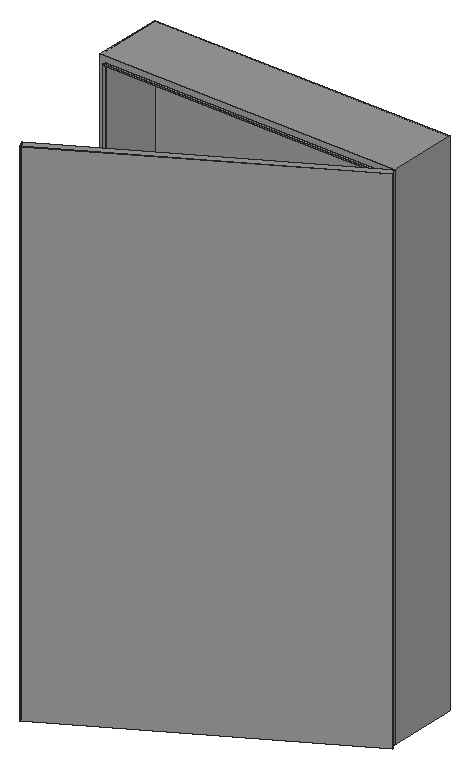
Revit family "Hager-Univers-IP54-D205-H1400-Cl.II-Encl-NoHosted-PT-pt", category Electrical Equipment, Revit 2020
Family settings
  Panel Configuration = Two Columns, Circuits Across
  Round Connector Dimension = Use Diameter
  Part Type = Panelboard
  Work Plane-Based = Yes
  Always vertical = Yes
  Cut with Voids When Loaded = No
  Shared = No
  Room Calculation Point = No
Parameters (values of type "Montagem em superfície (gesso) IP54 L800 A1400 P205  - FP93SW2")
  Width Control [instance] = if([EF000008 - Largura] > Min Width, [EF000008 - Largura], Min Width)  # 800 mm
  Type Comments = [HG000003 - Gama]  # "Univers"
  Thickness Door [instance] = if([EF009171 - Espessura do material da porta/tampa] > 3 mm, 3 mm, [EF009171 - Espessura do material da porta/tampa])  # 1 mm
  Seal Frame Offset [instance] = 17 mm  # constant formula
  Plinth Visibility [instance] = [HG000027 - Altura da Plinta] > 0 mm  # no
  Min Width [instance] = 100 mm  # constant formula
  Min Depth [instance] = (2 * [EF009170 - Espessura do material do invólucro]) + 1 mm  # 3 mm
  Min Height [instance] = 100 mm  # constant formula
  Internal Frame Depth [instance] = (Door System Depth * 0.5)  # 9 mm
  Panel Name [instance] = ""  # (empty or 0)
  Model = ""
  HG000027 - Altura da Plinta = 0 mm
  HG000026 - Instalação no chão = no
  HG000024 - Altura da secção inferior = 600 mm
  HG000023 - Recinto de secção dupla = no
  HG000016 - Visibilidade da porta 3D [instance] = yes
  HG000015 - Visibilidade através da porta [instance] = no
  HG000014 - Porta à direita [instance] = yes
  HG000013 - Porta à esquerda [instance] = not([HG000014 - Porta à direita])  # no
  HG000012 - Ângulo de abertura de porta [instance] = 30.00°
  HG000010 - Portas assimétricas = no
  HG000009 - Porta dupla = no
  HG000006 - Encastrado = no
  HG000004 - Referência do Fabricante = "FP93SW2"
  HG000003 - Gama = "Univers"
  HG000002 - Com porta ou tampa = yes
  Frame Offset Bottom [instance] = 10 mm  # constant formula
  Frame Offset [instance] = 15 mm  # constant formula
  EF015940 - Tampa com libertação de sobrepressão = no
  EF011959 - Grau de proteção (NEMA) = ""
  EF009554 - Número de aberturas para placas de flange = 6
  EF009212 - Tipo de tampa = "EV000116 - Fechado"
  EF009171 - Espessura do material da porta/tampa = 1 mm
  EF009170 - Espessura do material do invólucro = 1 mm
  EF008873 - Corrente nominal (In) = 250 A
  EF007800 - Adequado para proteção contra raios = no
  EF006306 - Com fecho = no
  EF006244 - Tampa/porta transparente = no
  EF005474 - Grau de proteção (IP) = "EV006419 - IP54"
  EF004464 - Tipo de porta = "EV002646 - Único"
  EF004427 - Número de módulos = 324
  EF004293 - Força de impacto = "EV006815 - IK09"
  EF003532 - Adequado para uso no exterior = no
  EF002950 - Largura em número de módulos = 36
  EF001613 - Integridade do circuito = "EV000494 - Nenhum"
  EF001596 - Material do corpo = "EV000179 - Aço"
  EF001131 - Profundidade interior = 130 mm
  EF001088 - Extensão possível = yes
  EF000437 - Número de entradas de condutores = 6
  EF000339 - Tipo de difusor = "EV004216 - Porta"
  EF000266 - Número de linhas = 9
  EF000218 - Profundidade incorporada = 205 mm
  EF000118 - Com tampa de montagem = no
  EF000116 - Número RAL = "9010"
  EF000049 - Profundidade = 205 mm
  EF000040 - Altura = 1400 mm
  EF000008 - Largura = 800 mm
  EF000007 - Cor = "EV000202 - Branco"
  EF000003 - Método de montagem = "EV000384 - Montagem em superfície (gesso)"
  Door System Leaf Tolerance [instance] = 1.5 mm  # constant formula
  Door System Depth [instance] = 18 mm  # constant formula
  Door Height [instance] = Height Control - [HG000027 - Altura da Plinta]  # 1400 mm
  Description = ""
  Default Elevation = 1219.2 mm
  Connector Offset [instance] = Height Control / 2  # 700 mm
  Manufacturer = "Hager"  # constant formula
  Height Control [instance] = if([EF000040 - Altura] > Min Height, [EF000040 - Altura], Min Height)  # 1400 mm
  Depth Control [instance] = if([EF000049 - Profundidade] > Min Depth, [EF000049 - Profundidade], Min Depth)  # 205 mm
  Bottom Top Plate Trim [instance] = 1.5 mm  # constant formula
  Plinth height Ctrl [instance] = if([HG000027 - Altura da Plinta] > 0 mm, [HG000027 - Altura da Plinta], 12 mm)  # 12 mm
Types (5, lengths in mm): name | Width Control | HG000010 - Portas assimétricas | HG000009 - Porta dupla | HG000004 - Referência do Fabricante | EF009554 - Número de aberturas para placas de flange | EF004464 - Tipo de porta | EF004427 - Número de módulos | EF002950 - Largura em número de módulos | EF000437 - Número de entradas de condutores | EF000008 - Largura
  Montagem em superfície (gesso) IP54 L1050 A1400 P205  - FP94SW2 | 1050 | no | yes | "FP94SW2" | 8 | "EV003602 - Duplo" | 432 | 48 | 8 | 1050
  Montagem em superfície (gesso) IP54 L1300 A1400 P205  - FP95SW2 | 1300 | yes | yes | "FP95SW2" | 10 | "EV003602 - Duplo" | 540 | 60 | 10 | 1300
  Montagem em superfície (gesso) IP54 L300 A1400 P205  - FP91SW2 | 300 | no | no | "FP91SW2" | 2 | "EV002646 - Único" | 108 | 12 | 2 | 300
  Montagem em superfície (gesso) IP54 L550 A1400 P205  - FP92SW2 | 550 | no | no | "FP92SW2" | 4 | "EV002646 - Único" | 216 | 24 | 4 | 550
  Montagem em superfície (gesso) IP54 L800 A1400 P205  - FP93SW2 | 800 | no | no | "FP93SW2" | 6 | "EV002646 - Único" | 324 | 36 | 6 | 800
Reference planes
  plane 1 "Center (Front/Back)": y = 0
  plane 2: z = 0
  plane 3 "Center (Left/Right)": x = 0
  plane 4: y = 0
  plane 5: y = 0
  plane 6: z = 0
  plane 7: x = -400
  plane 8: x = 400
  plane 9: x = 399
  plane 10: x = -399
  plane 11: z = 0
  plane 12: z = 1
  plane 13: y = -205
  plane 14: y = -1
  plane 15: x = 0
  plane 16: y = -187
  plane 17: y = -204
  plane 18: y = -186
  plane 19: x = -384
  plane 20: x = 384
  plane 21: z = 11
  plane 22: x = -383
  plane 23: x = 383
  plane 24: z = 0
  plane 25: z = 1400
  plane 26: z = 1400
  plane 27: z = 1384
  plane 28: z = 1399
Forms (mm)
  Extrusion 1, solid, material "Hager_Steel_RAL7035_Light_Grey", detail levels medium+fine
    sketch origin (-208.679, -4572, 0) x (-1, 0, 0) y (0, -1, 0)
      loop
        line (191.321, -4385) -> (-608.679, -4385) -> (-608.679, -4572) -> (191.321, -4572) -> (191.321, -4385)
    from 0 to 1400
  Extrusion 2, void
    sketch origin (-350.771, -205, 1219.2) x (1, 0, 0) y (0, 0, 1)
      loop
        line (-48.229, 179.8) -> (-48.229, -1218.2) -> (749.771, -1218.2) -> (749.771, 179.8) -> (-48.229, 179.8)
    from -19 to -204
  Extrusion 3, void
    sketch origin (-290.084, -187, 1219.2) x (1, 0, 0) y (0, 0, 1)
      loop
        line (-93.916, -1208.2) -> (674.084, -1208.2) -> (674.084, 164.8) -> (-93.916, 164.8) -> (-93.916, -1208.2)
    from 0 to -1
  Extrusion 4, solid, material "Hager_Steel_RAL7035_Light_Grey", visible <- "Plinth Visibility", detail levels medium+fine
    sketch origin (0, 0, 0) x (1, 0, 0) y (0, 1, 0)
      loop
        line (-400, 0) -> (-400, -187) -> (400, -187) -> (400, 0) -> (-400, 0)
    from 0 to 12 <- "Plinth height Ctrl"
  Extrusion 5, solid, material "Hager_Steel_RAL7035_Light_Grey", detail levels coarse
    sketch origin (0, 0, 0) x (1, 0, 0) y (0, 1, 0)
      loop
        line (-400, 0) -> (-400, -205) -> (400, -205) -> (400, 0) -> (-400, 0)
    from 0 to 1400 <- "Height Control"
  Sweep 6, void
    path in 3D
      loop
        line (-400, -187, 12) -> (400, -187, 12) -> (400, 0, 12) -> (-400, 0, 12) -> (-400, -187, 12)
    profile origin (-400, -93.5, 12) x (1, 0, 0) y (0, 0, 1)
      loop
        line (0, 0) -> (0, -1.5) -> (1.5, -1.5)
        arc (1.5, -1.5) -> (1.061, -0.439) -> (0, 0) r 1.5
  Extrusion 7, solid, material "Hager_Steel_RAL7035_Light_Grey", detail levels fine
    sketch origin (-400, -187, 0) x (1, 0, 0) y (0, 0, 1)
      loop
        line (16, 11) -> (784, 11) -> (784, 1384) -> (16, 1384) -> (16, 11)
      loop
        line (15, 10) -> (785, 10) -> (785, 1385) -> (15, 1385) -> (15, 10)
    from 0 to 9 <- "Internal Frame Depth"
Cuts and joins
  Extrusion 2, Extrusion 3 cuts Extrusion 1
  Sweep 6 cuts Extrusion 4
Lines and regions (mm)
  Masking region 1
    outline origin (0, 0, 0) x (1, 0, 0) y (0, 1, 0)
      loop
        line (-400, 0) -> (-400, -205) -> (400, -205) -> (400, 0) -> (-400, 0)
  Masking region 2, detail levels coarse
    outline origin (-290.084, -187, 1219.2) x (-1, 0, 0) y (0, 0, 1)
      loop
        line (-690.084, -1219.2) -> (109.916, -1219.2) -> (109.916, 180.8) -> (-690.084, 180.8) -> (-690.084, -1219.2)
  Masking region 3, detail levels coarse
    outline origin (0, 0, 0) x (0, 1, 0) y (0, 0, 1)
      loop
        line (0, 0) -> (0, 1400) -> (-205, 1400) -> (-205, 0) -> (0, 0)
  Masking region 4, visible <- "Plinth Visibility", detail levels medium+fine
    outline origin (0, 0, 0) x (0, 1, 0) y (0, 0, 1)
      loop
        line (-1.5, 12) -> (-185.5, 12)
        arc (-185.5, 12) -> (-185.939, 10.939) -> (-187, 10.5) r 1.5
        line (-187, 10.5) -> (-187, 0) -> (0, 0) -> (0, 10.5)
        arc (0, 10.5) -> (-1.061, 10.939) -> (-1.5, 12) r 1.5
  Masking region 5, detail levels medium+fine
    outline origin (0, 0, 594.038) x (0, 1, 0) y (0, 0, 1)
      loop
        line (0, -594.038) -> (0, 805.962) -> (-187, 805.962) -> (-187, -594.038) -> (0, -594.038)
  Masking region 6, detail levels medium+fine
    outline origin (-359.7, -187, 1211.883) x (-1, 0, 0) y (0, 0, 1)
      loop
        line (-759.7, -1211.883) -> (40.3, -1211.883) -> (40.3, 188.117) -> (-759.7, 188.117) -> (-759.7, -1211.883)
  Masking region 7, visible <- "Plinth Visibility", detail levels medium+fine
    outline origin (-320.334, -187, 1041.368) x (-1, 0, 0) y (0, 0, 1)
      loop
        line (-720.334, -1041.368) -> (79.666, -1041.368) -> (79.666, -1030.868)
        arc (79.666, -1030.868) -> (78.606, -1030.429) -> (78.166, -1029.368) r 1.5
        line (78.166, -1029.368) -> (-718.834, -1029.368)
        arc (-718.834, -1029.368) -> (-719.273, -1030.429) -> (-720.334, -1030.868) r 1.5
        line (-720.334, -1030.868) -> (-720.334, -1041.368)
  sketch lines
    curve 1: line (-400, 0, 12) -> (-400, -187, 12)
    curve 2: line (-400, -187, 12) -> (400, -187, 12)
    curve 3: line (400, 0, 12) -> (-400, 0, 12)
    curve 4: line (400, -187, 12) -> (400, 0, 12)
Dimensions and locks
  locked: plane 1 "Center (Front/Back)" to plane 5
  "EF009170 - Espessura do material do invólucro": plane 7 to plane 10
  "EF009170 - Espessura do material do invólucro": plane 8 to plane 9
  equal spacing: plane 7, plane 3 "Center (Left/Right)", plane 8
  "Width Control": plane 7 to plane 8
  "Depth Control": plane 4 to plane 13
  "EF009170 - Espessura do material do invólucro": plane 4 to plane 14
  "Height Control": plane 25 to level
  "HG000027 - Altura da Plinta": plane 11 to level
  "EF009170 - Espessura do material do invólucro": plane 12 to plane 11
  "EF009170 - Espessura do material do invólucro": plane 17 to plane 13
  "EF009170 - Espessura do material do invólucro": plane 18 to plane 16
  "Frame Offset Bottom": plane 21 to plane 12
  "Frame Offset": plane 10 to plane 19
  "Frame Offset": plane 9 to plane 20
  "Door System Depth": plane 16 to plane 13
  "Seal Frame Offset": plane 7 to plane 22
  "Seal Frame Offset": plane 8 to plane 23
  "EF009170 - Espessura do material do invólucro": plane 26 to plane 28
  "Frame Offset": plane 28 to plane 27
  "Connector Offset": plane 2 to connector elem
  "Bottom Top Plate Trim": profile plane to Sweep 6 sketch curve
  "Bottom Top Plate Trim": Sweep 6 sketch curve to Sweep 6 sketch curve
  "Plinth height Ctrl": Masking region 4 sketch curve to level
  "Plinth height Ctrl": Masking region 7 sketch curve to level
  "Thickness Door": Extrusion 7 sketch curve to Extrusion 7 sketch curve  (x4)
  "Bottom Top Plate Trim": radius of Sweep 6 sketch curve
  "Bottom Top Plate Trim": radius of Masking region 4 sketch curve  (x2)
  "Bottom Top Plate Trim": radius of Masking region 7 sketch curve  (x2)
  aligned and locked: Extrusion 2 sketch curve to plane 12
  aligned and locked: Extrusion 2 sketch curve to plane 9
  aligned and locked: Extrusion 2 sketch curve to plane 10
  aligned and locked: Extrusion 2 to plane 14
  aligned and locked: Extrusion 1 sketch curve to plane 4
  aligned and locked: plane 8 to Extrusion 1 sketch curve
  aligned and locked: plane 7 to Extrusion 1 sketch curve
  aligned and locked: Extrusion 2 to plane 18
  aligned and locked: Extrusion 3 sketch curve to plane 19
  aligned and locked: plane 20 to Extrusion 3 sketch curve
  aligned and locked: Extrusion 3 to Extrusion 2
  aligned and locked: Extrusion 3 sketch curve to plane 21
  aligned and locked: plane 3 "Center (Left/Right)" to nested 1
  aligned and locked: Extrusion 1 sketch curve to plane 16
  aligned and locked: Extrusion 4 sketch curve to cut or joined group of Extrusion 1, Extrusion 2, Extrusion 3
  aligned and locked: Masking region 1 sketch curve to plane 7
  aligned and locked: Masking region 1 sketch curve to plane 5
  aligned and locked: Masking region 1 sketch curve to plane 8
  aligned and locked: Masking region 2 sketch curve to level
  aligned and locked: level to Masking region 3 sketch curve
  aligned and locked: plane 1 "Center (Front/Back)" to Masking region 3 sketch curve
  aligned and locked: plane 13 to Masking region 3 sketch curve
  aligned and locked: plane 5 to Masking region 4 sketch curve
  aligned and locked: Masking region 2 sketch curve to plane 8
  aligned and locked: Masking region 2 sketch curve to plane 7
  aligned and locked: plane 7 to nested 2
  aligned and locked: nested 2 to plane 5
  aligned and locked: plane 5 to Masking region 5 sketch curve
  aligned and locked: plane 26 to Masking region 5 sketch curve
  aligned and locked: Extrusion 5 sketch curve to plane 8
  aligned and locked: Extrusion 5 sketch curve to plane 7
  aligned and locked: Extrusion 5 sketch curve to plane 5
  aligned and locked: Extrusion 3 sketch curve to plane 27
  aligned and locked: Extrusion 2 sketch curve to plane 28
  aligned and locked: Masking region 2 to plane 25
  aligned and locked: Extrusion 4 to plane 16
  aligned and locked: profile plane to Sweep 6 sketch curve
  aligned and locked: Masking region 5 sketch curve to plane 24
  aligned and locked: level to Masking region 4 sketch curve
  aligned and locked: Masking region 1 to plane 13
  aligned and locked: nested 1 to plane 16
  aligned and locked: Masking region 3 to plane 25
  aligned and locked: plane 16 to Masking region 4 sketch curve
  aligned and locked: Masking region 5 sketch curve to plane 16
  aligned and locked: plane 24 to plane 11
  aligned and locked: plane 26 to plane 25
  aligned and locked: plane 26 to cut or joined group of Extrusion 1, Extrusion 2, Extrusion 3
  aligned and locked: nested 1 to plane 24
  aligned and locked: Extrusion 1 to Extrusion 3
  aligned and locked: Masking region 6 sketch curve to plane 8
  aligned and locked: Masking region 6 sketch curve to plane 24
  aligned and locked: Masking region 6 sketch curve to plane 7
  aligned and locked: Masking region 6 sketch curve to plane 26
  aligned and locked: Masking region 7 sketch curve to plane 7
  aligned and locked: level to Masking region 7 sketch curve
  aligned and locked: Masking region 7 sketch curve to plane 8
  aligned and locked: Extrusion 7 sketch curve to cut or joined group of Extrusion 1, Extrusion 2, Extrusion 3  (x4)
Automatic sketch dimensions
  plane 19 to Extrusion 3 sketch curve = 0 mm
  Extrusion 3 sketch curve to plane 20 = 0 mm
  Extrusion 3 sketch curve to plane 21 = 0 mm
  Extrusion 4 sketch curve to plane 7 = 0 mm
  Extrusion 4 sketch curve to plane 8 = 0 mm
  Extrusion 4 sketch curve to plane 16 = 0 mm
  Masking region 1 sketch curve to plane 13 = 0 mm
  Masking region 2 sketch curve to plane 25 = 0 mm
  Masking region 3 sketch curve to plane 25 = 0 mm
  Extrusion 5 sketch curve to plane 13 = 0 mm
  profile plane to Sweep 6 sketch curve = 0 mm
Nested families
  nested 1: "EC000058_Univers_Door" at (0, -187, 0), Double <- "HG000009 - Porta dupla", Transparent <- "EF006244 - Tampa/porta transparente", Angle <- "HG000012 - Ângulo de abertura de porta", Door_Right <- "HG000014 - Porta à direita", Assymetrical <- "HG000010 - Portas assimétricas", Door <- "HG000002 - Com porta ou tampa", Width_Ctrl <- "Width Control", 3d_Door <- "HG000016 - Visibilidade da porta 3D", Clearance <- "HG000015 - Visibilidade através da porta", Door_Left <- "HG000013 - Porta à esquerda", Width <- "Width Control", Door_Depth <- "Door System Depth", Leaf_Tolerance <- "Door System Leaf Tolerance", Height <- "Door Height", Lock_Visibility <- "EF006306 - Com fecho", Thickness <- "Thickness Door", type "EC000058_Univers_Door", detail levels medium+fine
    with min_wh 3 mm, Width_Ctrl 800 mm, Width 800 mm, Transparent no, Thickness 1 mm, Seal_Material Hager_Rubber, Lock_Visibility no, Lock_Material Hager_Plastic_RAL9005_Jet_Black, Leaf_Width 800 mm, Leaf_Tolerance_External_Sides 0 mm, Leaf_Tolerance 1.5 mm, Leaf_Offset 0 mm, Leaf_Height 1397 mm, Leaf_2_Width 800 mm, Leaf_2_Offset 400 mm, Leaf_1_Width 800 mm, Leaf_1_Offset 400 mm, Height_Ctrl 1400 mm, Height 1400 mm, Glass_Material Hager_Glass, Double_Clearance_Ctrl no, Double no, Door_Right_Ctrl yes, Door_Right yes, Door_Material Hager_Steel_RAL7035_Light_Grey, Door_Left_Ctrl no, Door_Left no, Door_Depth 18 mm, Door yes, Clearance_Material Hager_Clearance, Clearance_Depth 800 mm, Clearance_Ctrl no, Clearance no, Assymetrical no, Angle 30.00°, 3d_Door yes
  nested 2: "Hager_Enclosure_Symbol" at (-400, 0, 0), Height <- "Depth Control", Width <- "Width Control", type "Hager_Enclosure_Symbol"
    with Width_Ctrl 800 mm, Width 800 mm, Height_Ctrl 205 mm, Height 205 mm, A_Width_Int 13.453 mm, A_Width 161.438 mm, A_Height_Ctrl 179.375 mm, A_Height 179.375 mm
Connectors
  electrical at (0, 0, 700)
    settings: on plane 1 "Center (Front/Back)", index 1, voltage 0 V, apparent load 0 VA, apparent load phase1 0 VA, apparent load phase2 0 VA, apparent load phase3 0 VA, power factor 1, load classification "Other", number of poles 1, system type 30, power factor state 1, is connector primary yes, connector utility no, sub classification motor no, connector description ""
Definition of nested family "EC000058_Univers_Door"
  Parameters (values of type "EC000058_Univers_Door")
    min_wh [instance] = (2 * Thickness) + 1 mm  # 11 mm
    Width_Ctrl [instance] = 400 mm
    Width [instance] = 500 mm
    Transparent [instance] = yes
    Thickness [instance] = 5 mm
    Seal_Material [instance] = none
    Lock_Visibility [instance] = yes
    Lock_Material [instance] = none
    Leaf_Width [instance] = if((Width_Ctrl - 2 * Leaf_Tolerance_External_Sides) > 0 mm, (Width_Ctrl - 2 * Leaf_Tolerance_External_Sides), min_wh)  # 400 mm
    Leaf_Tolerance_External_Sides [instance] = 0 mm  # constant formula
    Leaf_Tolerance [instance] = 1.5 mm
    Leaf_Offset [instance] = 0 mm  # constant formula
    Leaf_Height [instance] = if((Height_Ctrl - 2 * Leaf_Tolerance) > 0 mm, (Height_Ctrl - 2 * Leaf_Tolerance), min_wh)  # 497 mm
    Leaf_2_Width [instance] = if(and(and(Double, Assymetrical), Door_Left), (Leaf_Width / 3) - (Leaf_Tolerance / 2), if(and(and(Double, Assymetrical), Door_Right), (Leaf_Width / 3) * 2 - (Leaf_Tolerance / 2), if(and(Double, not(Assymetrical)), (Leaf_Width / 2) - Leaf_Tolerance, Leaf_Width)))  # 400 mm
    Leaf_2_Offset [instance] = if(and(Double, Assymetrical), Leaf_2_Width / 2, if(and(Double, not(Assymetrical)), Leaf_Width / 4, Leaf_Width / 2))  # 200 mm
    Leaf_1_Width [instance] = if(and(and(Double, Assymetrical), Door_Right), (Leaf_Width / 3) - (Leaf_Tolerance / 2), if(and(and(Double, Assymetrical), Door_Left), (Width / 3) * 2 - (Leaf_Tolerance / 2), if(and(Double, not(Assymetrical)), (Leaf_Width / 2) - Leaf_Tolerance, Leaf_Width)))  # 400 mm
    Leaf_1_Offset [instance] = if(and(Double, Assymetrical), Leaf_1_Width / 2, if(and(Double, not(Assymetrical)), Leaf_Width / 4, Leaf_Width / 2))  # 200 mm
    Height_Ctrl [instance] = if(Height > min_wh, Height, min_wh)  # 500 mm
    Height [instance] = 500 mm
    Glass_Material [instance] = none
    Double_Clearance_Ctrl [instance] = and(Double, Clearance)  # no
    Double [instance] = no
    Door_Right_Ctrl [instance] = and(or(Door_Right, Double), Door)  # yes
    Door_Right [instance] = yes
    Door_Material [instance] = none
    Door_Left_Ctrl [instance] = and(or(Door_Left, Double), Door)  # no
    Door_Left [instance] = no
    Door_Depth [instance] = 30 mm
    Door [instance] = yes
    Default Elevation = 1219.2 mm
    Clearance_Material [instance] = none
    Clearance_Depth [instance] = if(Leaf_1_Width > Leaf_2_Width, Leaf_1_Width, Leaf_2_Width)  # 400 mm
    Clearance_Ctrl [instance] = and(not(Double), Clearance)  # yes
    Clearance [instance] = yes
    Assymetrical [instance] = yes
    Angle [instance] = 30.00°
    3d_Door [instance] = yes
  Reference planes
    plane 1 "Center (Front/Back)": y = 0
    plane 2 "Bottom": z = 0
    plane 3 "Center (Left/Right)": x = 0
    plane 4: z = 500
    plane 5: x = -200
    plane 6: x = 200
    plane 7: z = 500
    plane 8: x = -200
    plane 9: z = 0
    plane 10: x = 200
    plane 11: y = 0
    plane 12: z = 1.5
    plane 13: x = -600
    plane 14: y = -400
    plane 15: x = 600
    plane 16: x = 0
    plane 17: x = 0
    plane 18: x = -200
    plane 19: x = 200
    plane 20: z = 498.5
  Forms (mm)
    Extrusion 1, solid, material <- "Clearance_Material", visible <- "Double_Clearance_Ctrl"
      sketch origin (1200, 0, 0) x (1, 0, 0) y (0, 0, -1)
        loop
          line (-1800, -498.5) -> (-600, -498.5) -> (-600, 0) -> (-1800, 0) -> (-1800, -498.5)
      from 0 to -400
  Dimensions and locks
    equal spacing: plane 5, plane 3 "Center (Left/Right)", plane 6
    "Width_Ctrl": plane 5 to plane 6
    "Leaf_Offset": plane 5 to plane 8
    "Leaf_Offset": plane 6 to plane 10
    "Leaf_Offset": plane 9 to level
    "Leaf_Offset": plane 4 to plane 7
    "Height_Ctrl": plane 4 to level
    "Leaf_Tolerance": plane 12 to plane 9
    locked: plane 11 to plane 1 "Center (Front/Back)"
    "Leaf_1_Offset": plane 18 to plane 16
    "Leaf_2_Offset": plane 17 to plane 19
    "Leaf_1_Width": plane 13 to plane 8
    "Leaf_2_Width": plane 10 to plane 15
    "Clearance_Depth": plane 14 to plane 1 "Center (Front/Back)"
    "Leaf_Tolerance_External_Sides": plane 8 to plane 18
    "Leaf_Tolerance_External_Sides": plane 19 to plane 10
    "Leaf_Tolerance": plane 7 to plane 20
    aligned and locked: level to plane 2 "Bottom"
    aligned and locked: nested 1 to plane 16
    aligned and locked: nested 2 to plane 17
    aligned and locked: Extrusion 1 to plane 13
    aligned and locked: plane 15 to Extrusion 1
    aligned and locked: Extrusion 1 to plane 14
    aligned and locked: plane 12 to nested 1
    aligned and locked: nested 2 to plane 12
    aligned and locked: Extrusion 1 to plane 11
    aligned and locked: plane 20 to Extrusion 1
    aligned and locked: nested 2 to plane 11
    aligned and locked: nested 1 to plane 11
  Automatic sketch dimensions
    Extrusion 1 sketch curve to level = 0 mm
    plane 5 to Extrusion 1 sketch curve = 400 mm
    plane 6 to Extrusion 1 sketch curve = 400 mm
    Extrusion 1 sketch curve to plane 4 = 1.5 mm
  Nested families
    nested 1: "EC000058_Univers_Door_Leaf" at (0, 0, 1.5), Width <- "Leaf_1_Width", visible <- "Door_Left_Ctrl", Leaf_Height <- "Leaf_Height", Angle <- "Angle", 3d_Door <- "3d_Door", Transparent <- "Transparent", Clearance Material <- "Clearance_Material", Clearance <- "Clearance_Ctrl", Door_Material <- "Door_Material", Glass_Material <- "Glass_Material", Door_Depth <- "Door_Depth", Lock_Material <- "Lock_Material", Seal_Material <- "Seal_Material", Lock_Visibility <- "Lock_Visibility", Thickness <- "Thickness", type "EC000058_Univers_Door_Leaf"
      with Width 400 mm, Transparent_Glass_Offset 30 mm, Transparent_Ctrl yes, Transparent yes, Thickness 5 mm, Standard no, Seal_Material none, Seal_D2 8 mm, Seal_D1 1 mm, Offset_Internal_Frame 10 mm, Lock_Width 20 mm, Lock_Visibility_3d yes, Lock_Visibility yes, Lock_Thickness_3 3 mm, Lock_Thickness_2 1 mm, Lock_Thickness_1 3 mm, Lock_Radius_Offset_2 16 mm, Lock_Radius_Offset_1 15 mm, Lock_Radius_2 5 mm, Lock_Radius 6 mm, Lock_Offset 5 mm, Lock_Material none, Lock_Height 80 mm, Lock_Cover_Top_Offset_2d 17 mm, Lock_Cover_Height -65 mm, Leaf_Height 497 mm, Internal_Seal_Thickness 8 mm, Internal_Seal_Depth_2 4.5 mm, Internal_Frame_Depth 25 mm, Glass_Thickness -1 mm, Glass_Offset -2 mm, Glass_Material none, Door_Material none, Door_Depth 30 mm, Clearance Material none, Clearance yes, Angle_Ctrl 30.00°, Angle 30.00°, 3d_Door yes
    nested 2: "EC000058_Univers_Door_Leaf" at (0, 0, 1.5) x (-1, 0, 0) z (0, 0, 1), Width <- "Leaf_2_Width", visible <- "Door_Right_Ctrl", Leaf_Height <- "Leaf_Height", Angle <- "Angle", 3d_Door <- "3d_Door", Transparent <- "Transparent", Clearance Material <- "Clearance_Material", Clearance <- "Clearance_Ctrl", Door_Material <- "Door_Material", Glass_Material <- "Glass_Material", Door_Depth <- "Door_Depth", Lock_Material <- "Lock_Material", Seal_Material <- "Seal_Material", Lock_Visibility <- "Lock_Visibility", Thickness <- "Thickness", type "EC000058_Univers_Door_Leaf"
      with Width 400 mm, Transparent_Glass_Offset 30 mm, Transparent_Ctrl yes, Transparent yes, Thickness 5 mm, Standard no, Seal_Material none, Seal_D2 8 mm, Seal_D1 1 mm, Offset_Internal_Frame 10 mm, Lock_Width 20 mm, Lock_Visibility_3d yes, Lock_Visibility yes, Lock_Thickness_3 3 mm, Lock_Thickness_2 1 mm, Lock_Thickness_1 3 mm, Lock_Radius_Offset_2 16 mm, Lock_Radius_Offset_1 15 mm, Lock_Radius_2 5 mm, Lock_Radius 6 mm, Lock_Offset 5 mm, Lock_Material none, Lock_Height 80 mm, Lock_Cover_Top_Offset_2d 17 mm, Lock_Cover_Height -65 mm, Leaf_Height 497 mm, Internal_Seal_Thickness 8 mm, Internal_Seal_Depth_2 4.5 mm, Internal_Frame_Depth 25 mm, Glass_Thickness -1 mm, Glass_Offset -2 mm, Glass_Material none, Door_Material none, Door_Depth 30 mm, Clearance Material none, Clearance yes, Angle_Ctrl 30.00°, Angle 30.00°, 3d_Door yes
  Definition of nested family "EC000058_Univers_Door_Leaf"
    Parameters (values of type "EC000058_Univers_Door_Leaf")
      Width [instance] = 2000 mm
      Transparent_Glass_Offset [instance] = 30 mm
      Transparent_Ctrl [instance] = and(Transparent, [3d_Door])  # yes
      Transparent [instance] = yes
      Thickness [instance] = 5 mm
      Standard [instance] = and(not(Transparent), [3d_Door])  # no
      Seal_Material [instance] = none
      Seal_D2 [instance] = 8 mm  # constant formula
      Seal_D1 [instance] = 1 mm  # constant formula
      Offset_Internal_Frame [instance] = 10 mm  # constant formula
      Lock_Width [instance] = 20 mm  # constant formula
      Lock_Visibility_3d [instance] = and(Lock_Visibility, [3d_Door])  # yes
      Lock_Visibility [instance] = yes
      Lock_Thickness_3 [instance] = 3 mm  # constant formula
      Lock_Thickness_2 [instance] = 1 mm  # constant formula
      Lock_Thickness_1 [instance] = 3 mm  # constant formula
      Lock_Radius_Offset_2 [instance] = Lock_Radius_Offset_1 + 1 mm  # 16 mm
      Lock_Radius_Offset_1 [instance] = 15 mm  # constant formula
      Lock_Radius_2 [instance] = Lock_Radius - 1 mm  # 5 mm
      Lock_Radius [instance] = 6 mm  # constant formula
      Lock_Offset [instance] = 5 mm  # constant formula
      Lock_Material [instance] = none
      Lock_Height [instance] = 80 mm  # constant formula
      Lock_Cover_Top_Offset_2d [instance] = Lock_Radius_Offset_2 + 1 mm  # 17 mm
      Lock_Cover_Height [instance] = -(Lock_Height - Lock_Radius_Offset_1)  # -65 mm
      Leaf_Height [instance] = 2720.336 mm
      Internal_Seal_Thickness [instance] = 8 mm  # constant formula
      Internal_Seal_Depth_2 [instance] = 4.5 mm  # constant formula
      Internal_Frame_Depth [instance] = if(Door_Depth - Thickness > 5 mm, Door_Depth - Thickness, 5 mm)  # 25 mm
      Glass_Thickness [instance] = if(Thickness > 15 mm, Glass_Offset + 10 mm, -1 mm)  # -1 mm
      Glass_Offset [instance] = if(Thickness > 15 mm, -(Thickness + 10 mm) / 2, -2 mm)  # -2 mm
      Glass_Material [instance] = none
      Door_Material [instance] = none
      Door_Depth [instance] = 30 mm
      Default Elevation = 0 mm
      Clearance Material [instance] = none
      Clearance [instance] = yes
      Angle_Ctrl [instance] = if(Angle > 180.00°, 180.00°, Angle)  # 90.00°
      Angle [instance] = 90.00°
      3d_Door [instance] = yes
    Reference planes
      plane 1 "Center (Front/Back)": y = 0
      plane 2: z = 0
      plane 3 "Center (Left/Right)": x = 0
      plane 4: y = 2000
      plane 5: x = -1000
      plane 6: x = 1000
      plane 7: x = -3000
      plane 8: z = 2720.336
      plane 9: z = 30
      plane 10: z = 2690.336
      plane 11: x = 970
      plane 12: x = -970
      plane 13: y = -3
      plane 14: z = 107.833
      plane 15: y = -5
      plane 16: y = -223.314
      plane 17: x = -1000
      plane 18: z = 1360.168
      plane 19: y = 30
    Forms (mm)
      Extrusion 1, solid, material <- "Clearance Material", visible <- "Clearance"
        sketch origin (0, 0, 0) x (1, 0, 0) y (0, 0, 1)
          loop
            line (-3000, 2720.336) -> (-3000, 0) -> (1000, 0) -> (1000, 2720.336) -> (-3000, 2720.336)
        from 0 to -2000
      Extrusion 2, solid, material <- "Door_Material", visible <- "Standard", detail levels medium+fine
        sketch origin (-1000, 0, 0) x (0, 1, 0) y (-1, 0, 0)
          loop
            line (0, 30) -> (0, 25) -> (2000, 25) -> (2000, 30) -> (0, 30)
        from 0 to 2720.336 <- "Leaf_Height"
      Extrusion 3, solid, material <- "Door_Material", visible <- "Transparent_Ctrl", detail levels medium+fine
        sketch origin (-1000, 0, 0) x (0, 1, 0) y (-1, 0, 0)
          loop
            line (0, 25) -> (2000, 25) -> (2000, 30) -> (0, 30) -> (0, 25)
        from 0 to 2720.336 <- "Leaf_Height"
      Extrusion 4, void
        sketch origin (-1025, 2000, 0) x (0, 1, 0) y (0, 0, -1)
          loop
            line (-30, -2690.336) -> (-30, -30) -> (-1970, -30) -> (-1970, -2690.336) -> (-30, -2690.336)
        from 0 to 5 <- "Thickness"
      Sweep 5, solid, material <- "Seal_Material", visible <- "Transparent_Ctrl", detail levels fine
        path in 3D
          loop
            line (-1025, 30, 30) -> (-1025, 30, 2690.336) -> (-1025, 1970, 2690.336) -> (-1025, 1970, 30) -> (-1025, 30, 30)
        profile origin (-1025, 1000, 30) x (1, 0, 0) y (0, 0, 1)
          loop
            line (0, 0) -> (0, -8) -> (1, -8) -> (1, 0) -> (0, 0)
      Extrusion 6, solid, material <- "Glass_Material", visible <- "Transparent_Ctrl", detail levels medium+fine
        sketch origin (-1030, 0, 0) x (0, 1, 0) y (0, 0, -1)
          loop
            line (1970, -2690.336) -> (1970, -30) -> (30, -30) -> (30, -2690.336) -> (1970, -2690.336)
        from -2 <- "Glass_Offset" to -1 <- "Glass_Thickness"
      Extrusion 7, solid, material <- "Door_Material", visible <- "3d_Door", detail levels medium+fine
        sketch origin (-1025, 2000, 0) x (0, -1, 0) y (0, 0, -1)
          loop
            line (0, -2720.336) -> (2000, -2720.336) -> (2000, 0) -> (0, 0) -> (0, -2720.336)
          loop
            line (1995, -5) -> (5, -5) -> (5, -2715.336) -> (1995, -2715.336) -> (1995, -5)
        from 0 to 25 <- "Internal_Frame_Depth"
      Sweep 8, solid, material <- "Seal_Material", visible <- "Transparent_Ctrl", detail levels fine
        path in 3D
          loop
            line (-1025, 0, 0) -> (-1025, 2000, 0) -> (-1025, 2000, 2720.336) -> (-1025, 0, 2720.336) -> (-1025, 0, 0)
        profile origin (-1025, 0, 1360.168) x (1, 0, 0) y (0, 1, 0)
          loop
            line (0, 10) -> (2.975, 10)
            arc (2.975, 10) -> (4.053, 10.447) -> (4.5, 11.525) r 1.525
            line (4.5, 11.525) -> (4.5, 16.527)
            arc (4.5, 16.527) -> (4.069, 17.569) -> (3.027, 18) r 1.473
            line (3.027, 18) -> (0, 18) -> (0, 10)
      Extrusion 9, solid, material <- "Lock_Material", visible <- "Lock_Visibility_3d", detail levels fine
        sketch origin (-1030, 0, 0) x (0, 1, 0) y (0, 0, -1)
          loop
            arc (1993.5, -1400.168) -> (1994.561, -1399.729) -> (1995, -1398.668) r 1.5
            line (1995, -1398.668) -> (1995, -1320.168) -> (1975, -1320.168) -> (1975, -1398.668)
            arc (1975, -1398.668) -> (1975.439, -1399.729) -> (1976.5, -1400.168) r 1.5
            line (1976.5, -1400.168) -> (1993.5, -1400.168)
        from 3 <- "Lock_Thickness_1" to 0
      Blend 10, solid, material <- "Lock_Material", visible <- "Lock_Visibility_3d", detail levels fine
        base sketch origin (-1033, 0, 0) x (0, 1, 0) y (0, 0, -1)
          loop
            line (1975, -1320.168) -> (1975, -1398.668)
            arc (1975, -1398.668) -> (1975.439, -1399.729) -> (1976.5, -1400.168) r 1.5
            line (1976.5, -1400.168) -> (1993.5, -1400.168)
            arc (1993.5, -1400.168) -> (1994.561, -1399.729) -> (1995, -1398.668) r 1.5
            line (1995, -1398.668) -> (1995, -1320.168) -> (1975, -1320.168)
        top sketch origin (-1033, 0, 0) x (0, 1, 0) y (0, 0, -1)
          loop
            line (1976, -1320.168) -> (1976, -1398.668)
            arc (1976, -1398.668) -> (1976.146, -1399.022) -> (1976.5, -1399.168) r 0.5
            line (1976.5, -1399.168) -> (1993.5, -1399.168)
            arc (1993.5, -1399.168) -> (1993.854, -1399.022) -> (1994, -1398.668) r 0.5
            line (1994, -1398.668) -> (1994, -1320.168) -> (1976, -1320.168)
        from 0 to 1 <- "Lock_Thickness_2"
      Blend 11, solid, material <- "Lock_Material", visible <- "Lock_Visibility_3d", detail levels fine
        base sketch origin (-1034, 0, 0) x (0, 1, 0) y (0, 0, -1)
          loop
            line (1978, -1320.168) -> (1978, -1384.168)
            arc (1978, -1384.168) -> (1985, -1391.168) -> (1992, -1384.168) r 7
            line (1992, -1384.168) -> (1992, -1320.168) -> (1978, -1320.168)
        top sketch origin (-1034, 0, 0) x (0, 1, 0) y (0, 0, -1)
          loop
            line (1991, -1320.168) -> (1979, -1320.168) -> (1979, -1383.168)
            arc (1979, -1383.168) -> (1985, -1389.168) -> (1991, -1383.168) r 6
            line (1991, -1383.168) -> (1991, -1320.168)
        from 0 to 3 <- "Lock_Thickness_3"
      Extrusion 12, solid, material <- "Lock_Material", visible <- "Lock_Visibility_3d", detail levels fine
        sketch origin (-1030, 1975, 1320.168) x (1, 0, 0) y (0, -1, 0)
          loop
            line (-7, -19) -> (-7, -1) -> (0, -1) -> (0, 0) -> (-8, 0) -> (-8, -20) -> (0, -20) -> (0, -19) -> (-7, -19)
        from 0 to -65 <- "Lock_Cover_Height"
      Extrusion 13, void
        sketch origin (-1038, 1995, 1320.168) x (-1, 0, 0) y (0, 0, -1)
          loop
            line (-5, -65) -> (0, -65) -> (-5, -60) -> (-5, -65)
        from 0 to 20 <- "Lock_Width"
      Extrusion 14, void
        sketch origin (-1038, 1975, 1320.168) x (0, -1, 0) y (0, 0, -1)
          loop
            circle (-10, -15.995) r 6
          loop
            circle (-10, -15.995) r 5
        from 0 to 2
      Extrusion 15, solid, material <- "Lock_Material", visible <- "Lock_Visibility_3d", detail levels medium
        sketch origin (-1030, 0, 0) x (0, 1, 0) y (0, 0, -1)
          loop
            arc (1993.5, -1400.168) -> (1994.561, -1399.729) -> (1995, -1398.668) r 1.5
            line (1995, -1398.668) -> (1995, -1320.168) -> (1975, -1320.168) -> (1975, -1398.668)
            arc (1975, -1398.668) -> (1975.439, -1399.729) -> (1976.5, -1400.168) r 1.5
            line (1976.5, -1400.168) -> (1993.5, -1400.168)
        from 8 to 0
    Cuts and joins
      Extrusion 4 cuts Extrusion 3
      Extrusion 13, Extrusion 14 cuts Extrusion 9
      Extrusion 14 cuts Blend 11
      Extrusion 13, Extrusion 14 cuts Extrusion 12
      joined: Extrusion 9, Blend 10, Blend 11, Extrusion 12
      Extrusion 14 cuts Extrusion 15
    Lines and regions (mm)
      Masking region 1, visible <- "Lock_Visibility", detail levels fine
        outline origin (0, 0, 0) x (0, 1, 0) y (0, 0, 1)
          loop
            line (30, 1320.168) -> (33, 1320.168) -> (33, 1400.168) -> (30, 1400.168) -> (30, 1320.168)
      Masking region 2, visible <- "Lock_Visibility", detail levels fine
        outline origin (0, 3.143, 0) x (0, 1, 0) y (0, 0, 1)
          loop
            line (29.857, 1354.168) -> (30.857, 1354.168) -> (30.857, 1366.168) -> (29.857, 1366.168) -> (29.857, 1354.168)
      Masking region 3, detail levels medium+fine
        outline origin (0, 0, 0) x (0, 1, 0) y (0, 0, 1)
          loop
            line (0, 0) -> (30, 0) -> (30, 2720.336) -> (0, 2720.336) -> (0, 0)
      Masking region 4, detail levels medium+fine
        outline origin (0, 0, 0) x (1, 0, 0) y (0, 0, 1)
          loop
            line (-1000, 2720.336) -> (-1000, 0) -> (1000, 0) -> (1000, 2720.336) -> (-1000, 2720.336)
      Masking region 5, visible <- "Lock_Visibility", detail levels fine
        outline origin (-47.116, 0, 0) x (1, 0, 0) y (0, 0, 1)
          loop
            arc (1024.616, 1399.168) -> (1023.556, 1398.729) -> (1023.116, 1397.668) r 1.5
            line (1023.116, 1397.668) -> (1023.116, 1320.168) -> (1041.116, 1320.168) -> (1041.116, 1397.668)
            arc (1041.116, 1397.668) -> (1040.677, 1398.729) -> (1039.616, 1399.168) r 1.5
            line (1039.616, 1399.168) -> (1024.616, 1399.168)
      Masking region 6, visible <- "Lock_Visibility", detail levels medium+fine
        outline origin (-25, 0, 0) x (1, 0, 0) y (0, 0, 1)
          loop
            arc (1001.5, 1400.168) -> (1000.439, 1399.729) -> (1000, 1398.668) r 1.5
            line (1000, 1398.668) -> (1000, 1320.168) -> (1020, 1320.168) -> (1020, 1398.668)
            arc (1020, 1398.668) -> (1019.561, 1399.729) -> (1018.5, 1400.168) r 1.5
            line (1018.5, 1400.168) -> (1001.5, 1400.168)
      Masking region 7, visible <- "Lock_Visibility", detail levels fine
        outline origin (-73.735, 0, 0) x (1, 0, 0) y (0, 0, 1)
          loop
            line (1051.735, 1382.168) -> (1065.735, 1382.168) -> (1065.735, 1384.168)
            arc (1065.735, 1384.168) -> (1058.735, 1391.168) -> (1051.735, 1384.168) r 7
            line (1051.735, 1384.168) -> (1051.735, 1382.168)
      Masking region 8, visible <- "Lock_Visibility", detail levels fine
        outline origin (-73.735, 0, 0) x (1, 0, 0) y (0, 0, 1)
          loop
            line (1052.735, 1382.168) -> (1064.735, 1382.168) -> (1064.735, 1383.168)
            arc (1064.735, 1383.168) -> (1058.735, 1389.168) -> (1052.735, 1383.168) r 6
            line (1052.735, 1383.168) -> (1052.735, 1382.168)
      Masking region 9, visible <- "Lock_Visibility", detail levels fine
        outline origin (-25, 0, 0) x (1, 0, 0) y (0, 0, 1)
          loop
            line (1020, 1320.168) -> (1020, 1382.168) -> (1000, 1382.168) -> (1000, 1320.168) -> (1020, 1320.168)
      Masking region 10, detail levels medium+fine
        outline origin (0, 0, 0) x (1, 0, 0) y (0, 0, 1)
          loop
            circle (985, 1335.144) r 6
      Masking region 11, detail levels fine
        outline origin (0, 0, 0) x (1, 0, 0) y (0, 0, 1)
          loop
            circle (985, 1335.144) r 5
      Masking region 12, visible <- "Lock_Visibility", detail levels fine
        outline origin (0, 12.767, 0) x (0, 1, 0) y (0, 0, 1)
          loop
            line (20.233, 1320.168) -> (21.233, 1320.168) -> (21.233, 1399.168) -> (20.233, 1400.168) -> (20.233, 1320.168)
      Masking region 13, visible <- "Lock_Visibility", detail levels fine
        outline origin (0, 13.767, -10) x (0, 1, 0) y (0, 0, 1)
          loop
            line (20.233, 1330.168) -> (23.233, 1330.168) -> (23.233, 1399.168) -> (20.233, 1402.168) -> (20.233, 1330.168)
      Masking region 14, visible <- "Lock_Visibility", detail levels fine
        outline origin (0, 12.767, -10) x (0, 1, 0) y (0, 0, 1)
          loop
            line (20.233, 1330.168) -> (25.233, 1330.168) -> (25.233, 1399.305) -> (20.233, 1394.305) -> (20.233, 1330.168)
      Masking region 15, visible <- "Lock_Visibility", detail levels medium
        outline origin (0, 0, 0) x (0, 1, 0) y (0, 0, 1)
          loop
            line (30, 1320.168) -> (38, 1320.168) -> (38, 1400.168) -> (30, 1400.168) -> (30, 1320.168)
      Masking region 16, visible <- "Lock_Visibility", detail levels fine
        outline origin (-1000, 0, 0) x (0, 1, 0) y (-1, 0, 0)
          loop
            line (1975, 30) -> (1995, 30) -> (1995, 38) -> (1975, 38) -> (1975, 30)
          loop
            line (1979, 37) -> (1976, 37) -> (1976, 34) -> (1978, 34) -> (1979, 37)
          loop
            line (1994, 37) -> (1991, 37) -> (1992, 34) -> (1994, 34) -> (1994, 37)
      Masking region 17, visible <- "Lock_Visibility", detail levels medium
        outline origin (-1000, 0, 0) x (0, 1, 0) y (-1, 0, 0)
          loop
            line (1975, 30) -> (1995, 30) -> (1995, 38) -> (1975, 38) -> (1975, 30)
      symbolic lines
        curve 1: line (1000, 0, 0) -> (-3000, 0, 0)
        curve 2: arc (1000, 0, 0) -> (-1000, 2000, 0) -> (-3000, 0, 0) r 2000
        curve 4: line (-1030, 0, 0) -> (-1030, 2000, 0)
      reference lines
        curve 3: line (-1000, 0, 0) -> (-1000, 2000, 0)
      symbolic lines, detail levels medium+fine
        curve 5: line (-1030, 2000, 0) -> (-1025, 2000, 0)
        curve 7: line (-1025, 0, 0) -> (-1030, 0, 0)
        curve 8: line (-1025, 0, 0) -> (-1000, 0, 0)
        curve 9: line (-1000, 0, 0) -> (-1000, 2000, 0)
        curve 10: line (-1000, 2000, 0) -> (-1025, 2000, 0)
      symbolic lines, detail levels fine
        curve 6: line (-1025, 2000, 0) -> (-1025, 0, 0)
      sketch lines
        curve 11: line (-1025, 0, 2720.336) -> (-1025, 0, 0)
        curve 12: line (-1025, 2000, 0) -> (-1025, 0, 0)
        curve 13: line (-1025, 2000, 2720.336) -> (-1025, 2000, 0)
        curve 14: line (-1025, 0, 2720.336) -> (-1025, 2000, 2720.336)
        curve 15: line (-1025, 1970, 30) -> (-1025, 30, 30)
        curve 16: line (-1025, 30, 30) -> (-1025, 30, 2690.336)
        curve 17: line (-1025, 1970, 2690.336) -> (-1025, 1970, 30)
        curve 18: line (-1025, 30, 2690.336) -> (-1025, 1970, 2690.336)
      symbolic lines, visible <- "Transparent", detail levels medium+fine
        curve 19: line (-970, 0, 2690.336) -> (970, 0, 2690.336)
        curve 20: line (-970, 0, 30) -> (-970, 0, 2690.336)
        curve 21: line (970, 0, 30) -> (-970, 0, 30)
        curve 22: line (970, 0, 2690.336) -> (970, 0, 30)
    Dimensions and locks
      "Width": plane 1 "Center (Front/Back)" to plane 4
      equal spacing: plane 5, plane 3 "Center (Left/Right)", plane 6
      "Width": plane 5 to plane 6
      "Width": plane 7 to plane 5
      "Leaf_Height": plane 8 to level
      "Width": curve 5 to curve 3
      "Width": curve 3 to curve 3
      plane 8 to plane 10 = 30 mm
      plane 9 to level = 30 mm
      plane 12 to plane 5 = 30 mm
      plane 6 to plane 11 = 30 mm
      Extrusion 1 to Extrusion 4 sketch curve = 30 mm
      "Transparent_Glass_Offset": curve 3 to Extrusion 4 sketch curve
      "Transparent_Glass_Offset": Extrusion 4 sketch curve to cut or joined group of Extrusion 3, Extrusion 4  (x2)
      cut or joined group of Extrusion 3, Extrusion 4 to Extrusion 6 sketch curve = 30 mm
      "Transparent_Glass_Offset": cut or joined group of Extrusion 3, Extrusion 4 to Extrusion 4 sketch curve
      "Thickness": curve 6 to curve 4
      "Thickness": Extrusion 7 sketch curve to Extrusion 7 sketch curve  (x4)
      "Door_Depth": curve 4 to curve 3
      "Offset_Internal_Frame": profile plane to Sweep 8 sketch curve
      "Internal_Seal_Thickness": Sweep 8 sketch curve to Sweep 8 sketch curve
      "Internal_Seal_Depth_2": profile plane to Sweep 8 sketch curve
      "Seal_D1": profile plane to Sweep 5 sketch curve
      "Seal_D2": profile plane to Sweep 5 sketch curve
      "Thickness": Extrusion 2 sketch curve to Extrusion 2 sketch curve
      equal spacing: Extrusion 9 sketch curve, plane 18, Extrusion 9 sketch curve  (x2)
      equal spacing: Masking region 1 sketch curve, plane 18, Masking region 1 sketch curve
      "Lock_Height": Masking region 1 sketch curve to Masking region 1 sketch curve
      "Lock_Radius": Masking region 2 sketch curve to plane 18 to Masking region 2 sketch curve
      Masking region 2 sketch curve to Masking region 1 = 1 mm
      "Door_Depth": plane 19 to plane 1 "Center (Front/Back)"
      "Lock_Thickness_1": Masking region 1 sketch curve to plane 19
      "Lock_Width": Extrusion 9 sketch curve to Extrusion 9 sketch curve
      "Lock_Height": Extrusion 9 sketch curve to Extrusion 9 sketch curve
      "Lock_Offset": cut or joined group of Extrusion 3, Extrusion 4 to Extrusion 9 sketch curve
      equal spacing: plane 8, plane 18, level
      "Lock_Radius_Offset_1": Blend 11 sketch curve to Blend 10
      locked: Blend 10 to Blend 11 sketch curve at 2  (x2)
      locked: var sketch to Blend 11 sketch curve at 1  (x2)
      "Lock_Radius_Offset_2": Blend 11 sketch curve to Blend 10
      locked: Extrusion 12 sketch curve to Extrusion 12 sketch curve at 1  (x3)
      Masking region 6 sketch curve to Masking region 6 sketch curve = 80 mm
      "Lock_Height": Masking region 6 sketch curve to Masking region 6 sketch curve
      "Lock_Width": Masking region 6 sketch curve to Masking region 6 sketch curve
      locked: Masking region 6 to Masking region 5 sketch curve at 1  (x3)
      locked: Masking region 5 to Masking region 7 sketch curve at 2  (x2)
      "Lock_Radius_Offset_1": Masking region 5 to Masking region 7 sketch curve
      "Lock_Radius_Offset_2": Masking region 5 to Masking region 8 sketch curve
      locked: Masking region 7 to Masking region 8 sketch curve at 1  (x2)
      "Lock_Cover_Top_Offset_2d": Masking region 5 to Masking region 9 sketch curve
      equal spacing: Masking region 9, Masking region 10 sketch curve, Masking region 9
      equal spacing: Masking region 9, Masking region 11 sketch curve, Masking region 9
      Extrusion 15 sketch curve to Extrusion 15 sketch curve = 80 mm
      "Lock_Width": Extrusion 15 sketch curve to Extrusion 15 sketch curve
      "Lock_Height": Extrusion 15 sketch curve to Extrusion 15 sketch curve
      equal spacing: Extrusion 15 sketch curve, plane 18, Extrusion 15 sketch curve
      "Lock_Thickness_3": Masking region 13 sketch curve to Masking region 13 sketch curve
      "Lock_Height": Masking region 12 sketch curve to Masking region 12 sketch curve
      locked: Masking region 13 sketch curve to Masking region 1 at 8
      locked: Masking region 14 sketch curve to Masking region 13 at 1
      locked: Masking region 14 sketch curve to Masking region 1 at 10.863
      "Lock_Height": Masking region 15 sketch curve to Masking region 15 sketch curve
      "Lock_Offset": Extrusion 15 sketch curve to cut or joined group of Extrusion 3, Extrusion 4
      "Lock_Offset": plane 6 to Masking region 6 sketch curve
      radius of Sweep 8 sketch curve = 1.525 mm
      radius of Sweep 8 sketch curve = 1.473 mm
      radius of Extrusion 9 sketch curve = 1.5 mm  (x2)
      "Lock_Radius": radius of Extrusion 14 sketch curve
      "Lock_Radius_2": radius of Extrusion 14 sketch curve
      "Lock_Radius": radius of Masking region 10 sketch curve
      "Lock_Radius_2": radius of Masking region 11 sketch curve
      radius of Extrusion 15 sketch curve = 1.5 mm  (x2)
      "Angle_Ctrl": angle plane 1 "Center (Front/Back)" to curve 3
      locked: Masking region 12 sketch curve to Masking region 12 sketch curve (angle 45.00°)
      locked: Masking region 13 sketch curve to Masking region 13 sketch curve (angle 45.00°)
      locked: Masking region 14 sketch curve to Masking region 14 sketch curve (angle 45.00°)
      aligned and locked: level to plane 2
      aligned and locked: Extrusion 1 to curve 1
      aligned and locked: plane 6 to Extrusion 1
      aligned and locked: Extrusion 1 to plane 1 "Center (Front/Back)"
      aligned and locked: plane 4 to Extrusion 1
      aligned and locked: plane 8 to Extrusion 1
      aligned and locked: curve 7 to Extrusion 2 sketch curve
      aligned and locked: curve 5 to Extrusion 2 sketch curve
      aligned and locked: curve 7 to Extrusion 3 sketch curve
      aligned and locked: Extrusion 3 sketch curve to curve 4
      aligned and locked: Extrusion 3 sketch curve to curve 6
      aligned and locked: Extrusion 3 sketch curve to curve 5
      aligned and locked: curve 9 to curve 3
      aligned and locked: Extrusion 7 sketch curve to cut or joined group of Extrusion 3, Extrusion 4  (x4)
      aligned and locked: plane 17 to curve 3
      aligned and locked: plane 1 "Center (Front/Back)" to curve 3
      aligned and locked: plane 17 to plane 5
      aligned and locked: Sweep 8 sketch curve to profile plane
      aligned and locked: Sweep 5 sketch curve to profile plane  (x2)
      aligned and locked: Masking region 1 to Masking region 2 sketch curve
      aligned and locked: plane 19 to Masking region 1 sketch curve
      aligned and locked: plane 1 "Center (Front/Back)" to Masking region 3 sketch curve
      aligned and locked: plane 19 to Masking region 3 sketch curve
      aligned and locked: level to Masking region 3 sketch curve
      aligned and locked: Masking region 3 sketch curve to plane 8
      aligned and locked: plane 17 to Masking region 4 sketch curve
      aligned and locked: level to Masking region 4 sketch curve
      aligned and locked: Masking region 4 sketch curve to plane 8
      aligned and locked: plane 12 to curve 20
      aligned and locked: plane 10 to curve 19
      aligned and locked: plane 11 to curve 22
      aligned and locked: curve 21 to plane 9
      aligned and locked: Extrusion 2 sketch curve to cut or joined group of Extrusion 3, Extrusion 4
      aligned and locked: Blend 10 sketch curve to Extrusion 9  (x4)
      aligned and locked: Extrusion 9 to Blend 10 sketch curve
      aligned and locked: Blend 10 to Blend 11 sketch curve
      aligned and locked: Extrusion 12 sketch curve to Blend 11
      aligned and locked: Extrusion 12 sketch curve to Extrusion 9  (x4)
      aligned and locked: Masking region 5 sketch curve to Masking region 6
      aligned and locked: Masking region 9 sketch curve to Masking region 6  (x3)
      aligned and locked: Masking region 12 sketch curve to Masking region 1
      aligned and locked: Masking region 13 sketch curve to Masking region 1
      aligned and locked: Masking region 12 to Masking region 14
      aligned and locked: Masking region 14 sketch curve to Masking region 1
      aligned and locked: Masking region 15 sketch curve to Masking region 14
      aligned and locked: Masking region 13 sketch curve to Masking region 12
      aligned and locked: Masking region 16 sketch curve to cut or joined group of Extrusion 14, Extrusion 15  (x4)
      aligned and locked: Masking region 16 sketch curve to cut or joined group of Extrusion 9, Blend 10, Blend 11, Extrusion 12, Extrusion 13, Extrusion 14  (x6)
      aligned and locked: cut or joined group of Extrusion 9, Blend 10, Blend 11, Extrusion 12, Extrusion 13, Extrusion 14 to Masking region 16 sketch curve
      aligned and locked: Masking region 17 sketch curve to cut or joined group of Extrusion 14, Extrusion 15  (x3)
      aligned and locked: Masking region 17 sketch curve to cut or joined group of Extrusion 9, Blend 10, Blend 11, Extrusion 12, Extrusion 13, Extrusion 14
      aligned and locked: Masking region 9 to Masking region 8 sketch curve
      aligned and locked: Masking region 9 to Masking region 7 sketch curve
    Automatic sketch dimensions
      plane 1 "Center (Front/Back)" to curve 2 = 0 mm
      curve 2 to plane 5 = 0 mm
      Extrusion 1 sketch curve to level = 0 mm
      Extrusion 1 sketch curve to plane 7 = 0 mm
      Extrusion 1 sketch curve to plane 6 = 0 mm
      Extrusion 1 sketch curve to plane 8 = 0 mm
      Extrusion 3 to Extrusion 6 sketch curve = 30 mm  (x4)
      Masking region 4 sketch curve to plane 6 = 0 mm
      Blend 10 sketch curve to Extrusion 9 = 1.5 mm
      Blend 10 sketch curve to Extrusion 9 = 1 mm
      Extrusion 13 sketch curve to Extrusion 12 = 0 mm  (x2)
      Extrusion 12 to Extrusion 13 sketch curve = 3 mm
      Extrusion 13 sketch curve to Extrusion 12 = 5 mm
      Extrusion 14 sketch curve to Extrusion 14 sketch curve = 0 mm  (x2)
      Extrusion 14 sketch curve to Extrusion 12 = 10 mm
      Extrusion 14 sketch curve to Extrusion 12 = 15.995 mm
      Masking region 5 sketch curve to Masking region 5 sketch curve = 1.5 mm  (x2)
      Masking region 10 sketch curve to plane 18 = 25.024 mm
      Masking region 11 sketch curve to plane 18 = 25.024 mm
      plane 19 to Masking region 14 sketch curve = 3 mm
      Masking region 16 sketch curve to Masking region 16 sketch curve = 3 mm
      curve 4 to curve 3 = 0 mm
      Blend 10 to Blend 11 sketch curve = 0 mm
      Masking region 6 sketch curve to Masking region 6 sketch curve = 1.5 mm  (x2)
      Masking region 6 sketch curve to plane 18 = 40 mm
      plane 19 to Masking region 12 sketch curve = 3 mm
      Masking region 12 sketch curve to Masking region 12 sketch curve = 1 mm
      Masking region 15 sketch curve to plane 19 = 0 mm
      Masking region 15 sketch curve to plane 18 = 40 mm
      radius of Blend 10 sketch curve to Extrusion 9 = 1 mm
Definition of nested family "Hager_Enclosure_Symbol"
  Parameters (values of type "Hager_Enclosure_Symbol")
    Width_Ctrl [instance] = if(Width > 1 mm, Width, 1 mm)  # 102.27 mm
    Width [instance] = 102.27 mm
    Height_Ctrl [instance] = if(Height > 1 mm, Height, 1 mm)  # 66.5 mm
    A_Width_Int [instance] = if(A_Width / 12 > 2 mm, A_Width / 12, 2 mm)  # 4.364 mm
    A_Width [instance] = if(A_Height_Ctrl * 0.9 > 2 mm, A_Height_Ctrl * 0.9, 2 mm)  # 52.369 mm
    A_Height_Ctrl [instance] = if(A_Height > 2 mm, A_Height, 2 mm)  # 58.188 mm
    Height [instance] = 66.5 mm
    A_Height [instance] = Height - (Height / 8)  # 58.188 mm
  Reference planes
    plane 1 "Centre (avant/arrière)": y = 0
    plane 2: z = 0
    plane 3 "Centre (gauche/droite)": x = 0
    plane 4: x = 52.369
    plane 5: y = 33.042
    plane 6: y = 41.77
    plane 7: y = 66.5
    plane 8: x = 26.184
    plane 9: y = 37.406
    plane 10: x = 102.27
    plane 11: y = 66.5
    plane 12: y = 8.313
  Lines and regions (mm)
    Filled region 1, type "Solid_Black", in view "Niveau de réf."
      outline origin (0, 0, 0) x (1, 0, 0) y (0, 1, 0)
        loop
          line (52.369, 66.5) -> (33.188, 54.536) -> (45.365, 45.006) -> (52.369, 66.5)
    Filled region 2, type "Solid_Black", in view "Niveau de réf."
      outline origin (0, 0, 0) x (1, 0, 0) y (0, 1, 0)
        loop
          line (0, 0) -> (102.27, 0) -> (102.27, 66.5) -> (0, 0)
    detail lines, in view "Niveau de réf."
      curve 1: line (0, 8.313, 0) -> (26.184, 41.77, 0)
      curve 2: line (26.184, 41.77, 0) -> (26.184, 33.042, 0)
      curve 3: line (26.184, 33.042, 0) -> (52.369, 66.5, 0)
  Dimensions and locks
    "A_Width": plane 3 "Centre (gauche/droite)" to plane 4
    equal spacing: plane 3 "Centre (gauche/droite)", plane 8, plane 4
    equal spacing: plane 6, plane 9, plane 5
    equal spacing: curve 3, Filled region 1 sketch curve, Filled region 1 sketch curve
    "Height_Ctrl": plane 1 "Centre (avant/arrière)" to plane 11
    "A_Height_Ctrl": plane 11 to plane 12
    equal spacing: plane 11, plane 9, plane 12
    "A_Width_Int": plane 6 to plane 9
    "Width_Ctrl": plane 3 "Centre (gauche/droite)" to plane 10
    angle Filled region 1 sketch curve to curve 3 = 20.00°
    angle curve 3 to Filled region 1 sketch curve = 20.00°
    locked: curve 3 to Filled region 1 sketch curve (angle 90.00°)
    aligned and locked: plane 10 to Filled region 2
    aligned and locked: plane 11 to Filled region 2 sketch curve
    aligned and locked: plane 10 to Filled region 2 sketch curve
    aligned and locked: plane 3 "Centre (gauche/droite)" to curve 1
    aligned and locked: plane 12 to curve 1
    aligned and locked: plane 7 to plane 11
  Automatic sketch dimensions
    Filled region 1 sketch curve to plane 4 = 0 mm
    Filled region 1 sketch curve to plane 7 = 0 mm
    plane 1 "Centre (avant/arrière)" to Filled region 2 sketch curve = 0 mm
    Filled region 2 sketch curve to plane 3 "Centre (gauche/droite)" = 0 mm
    curve 2 to plane 6 = 0 mm
    curve 2 to plane 8 = 0 mm
    curve 3 to plane 4 = 0 mm
    curve 2 to plane 5 = 0 mm
    curve 3 to plane 7 = 0 mm
